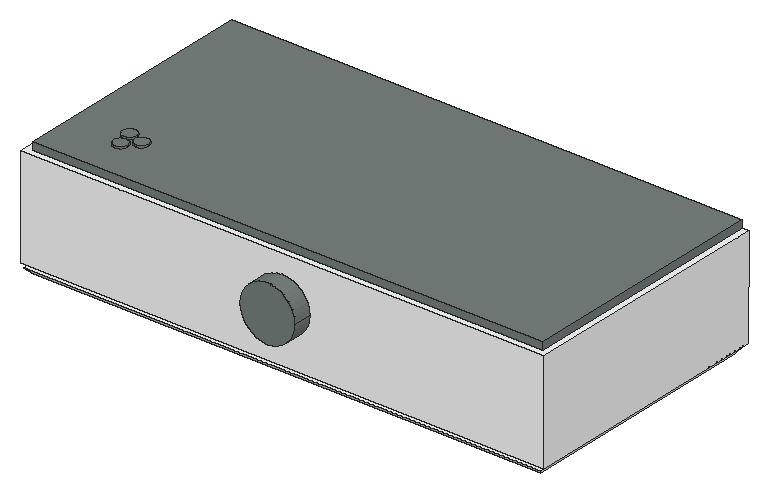
Revit family "AM 150 HHLDIDE", category Mechanical Equipment, Revit 2019
Family settings
  Round Connector Dimension = Use Diameter
  Part Type = Normal
  OmniClass Number = 23.75.00.00
  OmniClass Title = Climate Control (HVAC)
  Work Plane-Based = No
  Always vertical = Yes
  Cut with Voids When Loaded = No
  Shared = No
  Room Calculation Point = No
Parameters
  publication date = "09.10.2024"
  Weight (Standard Unit) = 47  # constant formula
  Water Heater Surface Return = 15 mm  # constant formula
  Water Heater Surface IN = 15 mm  # constant formula
  Version number = "1"
  URL = "https://www.airmaster-as.com/products/ventilation-units-wall-mounted/am-150"
  Total Width = 1170 mm  # constant formula
  Total Hight = 262 mm  # constant formula
  Suply Air In = 160 mm  # constant formula
  Return Air = 125 mm  # constant formula
  Phase 1 - Max Power Consumption = "1175 W"
  Phase 1 - Max Current = "7,97 A"
  Nominal current, electrical preheating surface = "4,35 A"
  Nominal current, electrical comfort heating surface = "2,17 A"
  Nominal current, air handling unit = "1,45 A"
  Network Conection = "AWG 24 CAT 5e STP"
  Model = "AM 150 HHLDIDE"
  Max. flow rate 35 dB(A) with ePM10 80% filters = 120.00 m³  # constant formula
  Max. flow rate 35 dB(A) with ePM10 55% filters = 137.00 m³  # constant formula
  Max. flow rate 35 dB(A) with ePM10 50% filters = 156.00 m³  # constant formula
  Max. flow rate 30 dB(A) with ePM10 80% filters = 91.00 m³  # constant formula
  Max. flow rate 30 dB(A) with ePM10 55% filters = 98.00 m³  # constant formula
  Max. flow rate 30 dB(A) with ePM10 50% filters = 123.00 m³  # constant formula
  Manufacturer = "Airmaster A/S"
  Maintenance [instance] = no
  Exhaust Air = 160 mm  # constant formula
  Total Depth = 571 mm  # constant formula
  Electrical connection = "1 ~ 230 V / N / PE / 50 Hz"
  Drawn By = "LSB"
  Condensate = 6 mm  # constant formula
  BMS Panel = "(PTS) 2x2x0,6"
  BMS Out = "(PTS) 2x2x0,6"
  BMS IN = "(PTS) 2x2x0,6"
  Airlow area [instance] = no
Reference planes
  plane 1 "Center (Front/Back)": y = 0
  plane 2: z = 0
  plane 3 "Center (Left/Right)": x = 0
  plane 4 "Center L/S": y = -571
  plane 5 "Center L/T": x = -585
  plane 6 "Center L/U": x = 585
  plane 7 "TOP": z = 262
  plane 8 "Center L/V": x = -570
  plane 9 "Center L/W": y = -556
  plane 10 "Center L/X": x = 570
  plane 11 "Panel Buttom": z = 20.747
  plane 12 "Panel Top": z = 246.501
  plane 13 "Hatch": z = 14.5
Forms (mm)
  Extrusion 1, solid, material "AM Grey"
    sketch origin (0, 0, 0) x (1, 0, 0) y (0, 1, 0)
      loop
        line (-570, 0) -> (-570, -556) -> (570, -556) -> (570, 0) -> (-570, 0)
    from 14.5 to 262
  Extrusion 2, solid, material "AM White"
    sketch origin (794.5, -1524, 20.747) x (0, -1, 0) y (-1, 0, 0)
      loop
        line (-953, 209.5) -> (-953, 1379.5) -> (-1524, 1379.5) -> (-1524, 1364.5) -> (-968, 1364.5) -> (-968, 224.5) -> (-1524, 224.5) -> (-1524, 209.5) -> (-953, 209.5)
    from 0 to -225.754
  Blend 3, solid, material "AM White"
    base sketch origin (-790.646, -1524, 14.5) x (0, -1, 0) y (1, 0, 0)
      loop
        line (-953, 212.613) -> (-953, 1368.657) -> (-1524, 1368.657) -> (-1524, 212.613) -> (-953, 212.613)
    top sketch origin (-790.646, -1524, 14.5) x (0, -1, 0) y (1, 0, 0)
      loop
        line (-968, 223.963) -> (-968, 1357.646) -> (-1509.161, 1357.646) -> (-1509.161, 223.963) -> (-968, 223.963)
    from 0 to -14.5
  Extrusion 4, solid, material "AM Grey"
    sketch origin (-570, 0, 0) x (1, 0, 0) y (0, 0, -1)
      loop
        circle (1050, -119.501) r 78
      loop
        circle (1050, -119.501) r 77.16
    from 0 to 18.45
  Extrusion 5, solid, material "AM Grey"
    sketch origin (-785, 0, 0) x (1, 0, 0) y (0, 0, -1)
      loop
        circle (305, -119.501) r 78
      loop
        circle (305, -119.501) r 77.16
    from 0 to 18.45
  Extrusion 6, solid, material "Maintenece", visible <- "Maintenance"
    sketch origin (-790.646, -1524, 0) x (1, 0, 0) y (0, -1, 0)
      loop
        line (205.646, -1524) -> (1375.646, -1524) -> (1375.646, -953) -> (205.646, -953) -> (205.646, -1524)
    from 0 to 1200
  Extrusion 7, solid, material "AM Grey"
    sketch origin (-876.982, -12.495, 262) x (1, 0, 0) y (0, 1, 0)
      loop
        circle (423.027, -417.273) r 15.55
    from 0 to 3
  Extrusion 8, solid, material "AM Grey"
    sketch origin (-866.134, 5.874, 262) x (1, 0, 0) y (0, 1, 0)
      loop
        circle (447.132, -446.023) r 15.55
    from 0 to 3
  Extrusion 9, solid, material "AM Grey"
    sketch origin (-855.713, -13.073, 262) x (1, 0, 0) y (0, 1, 0)
      loop
        circle (410.201, -452.535) r 15.55
    from 0 to 3
  Extrusion 10, solid, material "AM Grey"
    sketch origin (-585, 0, 20.747) x (0, -1, 0) y (0, 0, 1)
      loop
        circle (372, 125.253) r 62.5
    from 0 to 40
  Extrusion 11, solid, material "AM Grey"
    sketch origin (585, -571, 20.747) x (-1, 0, 0) y (0, 0, -1)
      loop
        circle (585, -122.253) r 61.5
    from 0 to 40
Dimensions and locks
  "Total Depth": plane 4 "Center L/S" to plane 1 "Center (Front/Back)"
  equal spacing: plane 5 "Center L/T", plane 3 "Center (Left/Right)", plane 6 "Center L/U"
  "Total Width": plane 5 "Center L/T" to plane 6 "Center L/U"
  "Total Hight": plane 7 "TOP" to level
  locked: plane 10 "Center L/X" to plane 6 "Center L/U" at 15
  locked: plane 4 "Center L/S" to plane 9 "Center L/W" at 15
  locked: plane 5 "Center L/T" to plane 8 "Center L/V" at 15
  Extrusion 1 to Blend 3 sketch curve = 14.839 mm
  plane 7 "TOP" to Extrusion 10 sketch curve = 116 mm
  plane 1 "Center (Front/Back)" to Extrusion 10 sketch curve = 372 mm
  Extrusion 11 sketch curve to plane 5 "Center L/T" = 585 mm
  plane 7 "TOP" to Extrusion 11 sketch curve = 119 mm
  "Return Air": diameter of Extrusion 10 sketch curve
  aligned and locked: level to plane 2
  aligned and locked: plane 1 "Center (Front/Back)" to Extrusion 1 sketch curve
  aligned and locked: plane 8 "Center L/V" to Extrusion 1 sketch curve
  aligned and locked: Extrusion 1 sketch curve to plane 9 "Center L/W"
  aligned and locked: Extrusion 1 sketch curve to plane 10 "Center L/X"
  aligned and locked: plane 7 "TOP" to Extrusion 1
  aligned and locked: plane 4 "Center L/S" to Extrusion 2 sketch curve
  aligned and locked: plane 6 "Center L/U" to Extrusion 2 sketch curve
  aligned and locked: Extrusion 2 sketch curve to Extrusion 1  (x2)
  aligned and locked: plane 1 "Center (Front/Back)" to Extrusion 2 sketch curve
  aligned and locked: Extrusion 2 to plane 12 "Panel Top"
  aligned and locked: Blend 3 to plane 2
  aligned and locked: plane 13 "Hatch" to Extrusion 1
Automatic sketch dimensions
  plane 1 "Center (Front/Back)" to Blend 3 sketch curve = 0 mm
  plane 4 "Center L/S" to Blend 3 sketch curve = 0 mm
  plane 5 "Center L/T" to Blend 3 sketch curve = 6.967 mm
  Blend 3 sketch curve to plane 6 "Center L/U" = 6.989 mm
  plane 9 "Center L/W" to Blend 3 sketch curve = 0 mm
  plane 8 "Center L/V" to Blend 3 sketch curve = 3.316 mm
  Blend 3 sketch curve to plane 10 "Center L/X" = 3 mm
  Extrusion 6 sketch curve to Blend 3 = 18.316 mm
  Extrusion 6 sketch curve to Blend 3 = 18 mm
  Extrusion 6 sketch curve to Blend 3 = 15 mm
  Extrusion 6 sketch curve to Blend 3 = 14.839 mm
  Extrusion 7 sketch curve to Extrusion 1 = 1023.955 mm
  Extrusion 7 sketch curve to Extrusion 1 = 126.232 mm
  Extrusion 8 sketch curve to Extrusion 1 = 989.002 mm
  Extrusion 8 sketch curve to Extrusion 1 = 115.851 mm
  Extrusion 9 sketch curve to Extrusion 1 = 1015.512 mm
  Extrusion 9 sketch curve to Extrusion 1 = 90.392 mm
  plane 1 "Center (Front/Back)" to Extrusion 2 sketch curve = 0 mm
  Extrusion 2 sketch curve to plane 8 "Center L/V" = 0 mm
  Extrusion 2 sketch curve to plane 5 "Center L/T" = 0 mm
  radius of Extrusion 7 sketch curve = 15.55 mm
  radius of Extrusion 8 sketch curve = 15.55 mm
  radius of Extrusion 9 sketch curve = 15.55 mm
  radius of Extrusion 11 sketch curve = 61.5 mm
Nested families
  nested 1: "Model Label 2019" at (0, -361.924, 0), Label <- "Model", type "Model Label 2019"
    with Label "AM 150 HHLDIDE"
Connectors
  electrical at (-453.955, -429.768, 262)
    settings: on Extrusion 7, index 13, voltage 230 V, apparent load 0 VA, apparent load phase1 0 VA, apparent load phase2 0 VA, apparent load phase3 0 VA, power factor 0.55, load classification "Other", number of poles 1, system type 30, power factor state 1, is connector primary yes, connector utility no, sub classification motor no, connector description ""
  electrical at (-419.002, -440.149, 262), driven by "BMS Out"
    settings: on Extrusion 8, index 14, voltage 0 V, apparent load 0 VA, apparent load phase1 0 VA, apparent load phase2 0 VA, apparent load phase3 0 VA, power factor 1, load classification "Other", number of poles 1, system type 5, power factor state 1, is connector primary no, connector utility no, sub classification motor no, connector description "(PTS) 2x2x0,6"
  electrical at (-445.512, -465.608, 262), driven by "BMS IN"
    settings: on Extrusion 9, index 15, voltage 0 V, apparent load 0 VA, apparent load phase1 0 VA, apparent load phase2 0 VA, apparent load phase3 0 VA, power factor 1, load classification "Other", number of poles 1, system type 5, power factor state 1, is connector primary no, connector utility no, sub classification motor no, connector description "(PTS) 2x2x0,6"
  hvac at (-585, -372, 146), driven by "Return Air"
    settings: on Extrusion 10, index 17, duct flow 0.0 L/s, flow factor 0, pres drop 0.0 Pa, loss coef 0, conn angle 0.00°, conn width 304.8 mm, conn height 304.8 mm, conn diameter 125 mm, duct sys type 2, conn prof type 0, flow config 0, flow direction 1, loss method 0, conn ref index -1, conn util no, is conn primary yes, conn desc ""
  hvac at (-480, 0, 119.501), driven by "Exhaust Air"
    settings: on Extrusion 5, index 18, duct flow 0.0 L/s, flow factor 0, pres drop 0.0 Pa, loss coef 0, conn angle 0.00°, conn width 304.8 mm, conn height 304.8 mm, conn diameter 160 mm, duct sys type 1, conn prof type 0, flow config 2, flow direction 2, loss method 0, conn ref index -1, conn util no, is conn primary no, conn desc ""
  hvac at (480, 0, 119.501), driven by "Suply Air In"
    settings: on Extrusion 4, index 19, duct flow 0.0 L/s, flow factor 0, pres drop 0.0 Pa, loss coef 0, conn angle 0.00°, conn width 304.8 mm, conn height 304.8 mm, conn diameter 160 mm, duct sys type 3, conn prof type 0, flow config 0, flow direction 1, loss method 0, conn ref index -1, conn util no, is conn primary no, conn desc ""
  hvac at (0, -571, 143), driven by "Return Air"
    settings: on Extrusion 11, index 20, duct flow 0.0 L/s, flow factor 0, pres drop 0.0 Pa, loss coef 0, conn angle 0.00°, conn width 304.8 mm, conn height 304.8 mm, conn diameter 125 mm, duct sys type 1, conn prof type 0, flow config 0, flow direction 0, loss method 0, conn ref index -1, conn util no, is conn primary no, conn desc ""
Definition of nested family "Model Label 2019"
  Parameters (values of type "Model Label 2019")
    Label [instance] = ""
  Reference planes
    plane 1: y = 0
    plane 2: x = 0
  Text (mm)
    label "Label" at (-0.131, 0.049, 0), shows "Label"
